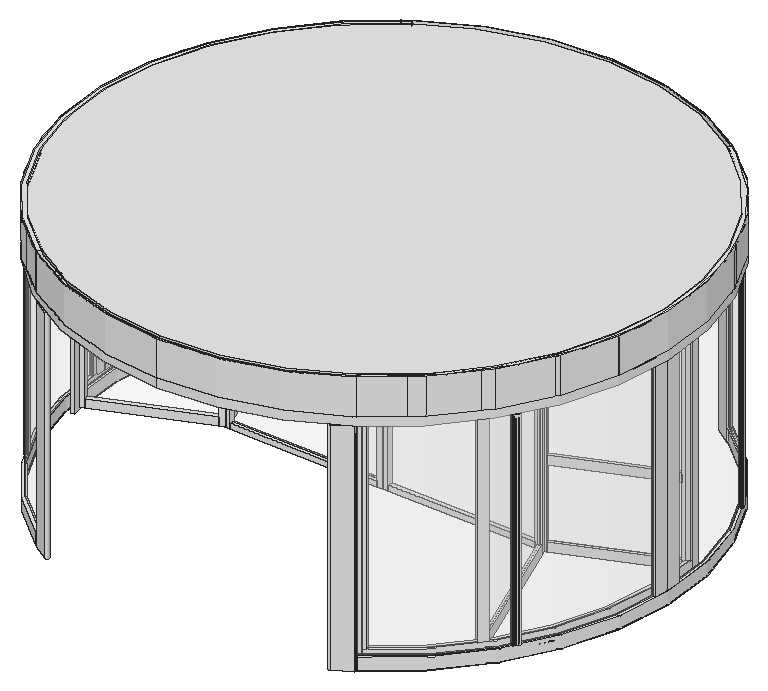
Revit family "Assa-Abloy_ Revolving_UniTurn", category Doors, host Wall, Revit 2019 (continued)
Dimensions and locks
  aligned and locked: curve 598 to Sweep 27
  aligned and locked: curve 599 to Sweep 27
  aligned and locked: curve 600 to Sweep 27
  aligned and locked: curve 601 to Sweep 27
  aligned and locked: curve 602 to Extrusion 29
  aligned and locked: curve 603 to Extrusion 29
  aligned and locked: curve 604 to Extrusion 29
  aligned and locked: curve 605 to Extrusion 29
  aligned and locked: curve 606 to Sweep 31
  aligned and locked: curve 607 to Sweep 31
  aligned and locked: curve 608 to Sweep 31
  aligned and locked: curve 609 to Sweep 31
  aligned and locked: curve 610 to Sweep 31
  aligned and locked: curve 611 to Extrusion 28
  aligned and locked: curve 612 to Extrusion 28
  aligned and locked: curve 613 to Extrusion 28
  aligned and locked: curve 614 to Extrusion 28
  aligned and locked: curve 615 to Extrusion 29
  aligned and locked: curve 616 to Extrusion 29
  aligned and locked: curve 617 to Extrusion 29
  aligned and locked: curve 618 to Extrusion 29
  aligned and locked: curve 619 to Extrusion 28
  aligned and locked: curve 620 to Extrusion 28
  aligned and locked: curve 621 to Extrusion 28
  aligned and locked: curve 622 to Extrusion 28
  aligned and locked: curve 623 to Extrusion 29
  aligned and locked: curve 624 to Extrusion 29
  aligned and locked: curve 625 to Extrusion 29
  aligned and locked: curve 626 to Extrusion 29
  aligned and locked: curve 627 to Sweep 39
  aligned and locked: curve 628 to Sweep 39
  aligned and locked: curve 629 to Sweep 39
  aligned and locked: curve 630 to Sweep 39
  aligned and locked: curve 631 to Sweep 31
  aligned and locked: curve 632 to Sweep 31
  aligned and locked: curve 633 to Sweep 31
  aligned and locked: curve 634 to Sweep 31
  aligned and locked: curve 635 to Extrusion 29
  aligned and locked: curve 636 to Extrusion 29
  aligned and locked: curve 637 to Extrusion 29
  aligned and locked: curve 638 to Extrusion 29
  aligned and locked: curve 639 to Sweep 31
  aligned and locked: curve 640 to Sweep 31
  aligned and locked: curve 641 to Sweep 31
  aligned and locked: curve 642 to Sweep 31
  aligned and locked: curve 643 to Sweep 31
  aligned and locked: curve 644 to Sweep 31
  aligned and locked: curve 645 to Extrusion 29
  aligned and locked: curve 646 to Extrusion 29
  aligned and locked: curve 647 to Extrusion 29
  aligned and locked: curve 648 to Extrusion 29
  aligned and locked: curve 649 to Extrusion 28
  aligned and locked: curve 650 to Extrusion 28
  aligned and locked: curve 651 to Extrusion 28
  aligned and locked: curve 652 to Extrusion 28
  aligned and locked: curve 653 to Sweep 33
  aligned and locked: curve 654 to Sweep 33
  aligned and locked: curve 655 to Sweep 33
  aligned and locked: curve 656 to Sweep 33
  aligned and locked: curve 657 to Extrusion 37
  aligned and locked: curve 658 to Extrusion 37
  aligned and locked: curve 659 to Extrusion 37
  aligned and locked: curve 660 to Extrusion 37
  aligned and locked: curve 661 to Sweep 36
  aligned and locked: curve 662 to Sweep 36
  aligned and locked: curve 663 to Sweep 36
  aligned and locked: curve 664 to Sweep 36
  aligned and locked: curve 665 to Extrusion 38
  aligned and locked: curve 666 to Extrusion 38
  aligned and locked: curve 667 to Extrusion 38
  aligned and locked: curve 668 to Extrusion 38
  aligned and locked: curve 669 to Sweep 42
  aligned and locked: curve 670 to Sweep 42
  aligned and locked: curve 671 to Sweep 42
  aligned and locked: curve 672 to Sweep 42
  aligned and locked: curve 673 to Extrusion 45
  aligned and locked: curve 674 to Extrusion 45
  aligned and locked: curve 675 to Extrusion 45
  aligned and locked: curve 676 to Extrusion 45
  aligned and locked: curve 677 to Sweep 44
  aligned and locked: curve 678 to Sweep 44
  aligned and locked: curve 679 to Sweep 44
  aligned and locked: curve 680 to Sweep 44
  aligned and locked: curve 681 to Extrusion 46
  aligned and locked: curve 682 to Extrusion 46
  aligned and locked: curve 683 to Extrusion 46
  aligned and locked: curve 684 to Extrusion 46
  aligned and locked: curve 685 to Sweep 32
  aligned and locked: curve 686 to Sweep 32
  aligned and locked: curve 687 to Sweep 32
  aligned and locked: curve 688 to Sweep 32
  aligned and locked: curve 689 to Sweep 32
  aligned and locked: curve 690 to Sweep 32
  aligned and locked: curve 691 to Sweep 32
  aligned and locked: curve 692 to Sweep 32
  aligned and locked: curve 693 to Sweep 24
  aligned and locked: curve 694 to Sweep 24
  aligned and locked: curve 695 to Sweep 24
  aligned and locked: curve 696 to Sweep 24
  aligned and locked: curve 697 to Sweep 25
  aligned and locked: curve 698 to Sweep 25
  aligned and locked: curve 699 to Sweep 25
  aligned and locked: curve 700 to Sweep 25
  aligned and locked: curve 701 to Extrusion 26
  aligned and locked: curve 702 to Extrusion 26
  aligned and locked: curve 703 to Extrusion 26
  aligned and locked: curve 704 to Extrusion 26
  aligned and locked: curve 705 to Sweep 24
  aligned and locked: curve 706 to Sweep 24
  aligned and locked: curve 707 to Sweep 24
  aligned and locked: curve 708 to Sweep 24
  aligned and locked: curve 709 to Sweep 21
  aligned and locked: curve 710 to Sweep 21
  aligned and locked: curve 711 to Sweep 21
  aligned and locked: curve 712 to Sweep 21
  aligned and locked: curve 713 to Sweep 22
  aligned and locked: curve 714 to Sweep 22
  aligned and locked: curve 715 to Sweep 22
  aligned and locked: curve 716 to Sweep 22
  aligned and locked: curve 717 to Extrusion 23
  aligned and locked: curve 718 to Extrusion 23
  aligned and locked: curve 719 to Extrusion 23
  aligned and locked: curve 720 to Extrusion 23
  aligned and locked: curve 721 to Sweep 21
  aligned and locked: curve 722 to Sweep 21
  aligned and locked: curve 723 to Sweep 21
  aligned and locked: curve 724 to Sweep 21
  aligned and locked: curve 725 to Sweep 40
  aligned and locked: curve 726 to Sweep 40
  aligned and locked: curve 727 to Sweep 40
  aligned and locked: curve 728 to Sweep 40
  aligned and locked: curve 729 to Sweep 40
  aligned and locked: curve 730 to Sweep 40
  aligned and locked: curve 731 to Sweep 40
  aligned and locked: curve 732 to Sweep 40
  aligned and locked: curve 733 to Extrusion 3
  aligned and locked: curve 734 to Sweep 10
  aligned and locked: curve 735 to Sweep 5
  aligned and locked: curve 736 to Sweep 5
  aligned and locked: curve 737 to Sweep 5
  aligned and locked: curve 738 to Sweep 5
Automatic sketch dimensions
  plane 1 to Sweep 1 sketch curve = 0' - 0"
  Sweep 1 sketch curve to plane 2 "Center (Left/Right)" = 0' - 0"
  Sweep 1 sketch curve to level = 0' - 0"
  profile plane to Sweep 1 sketch curve = 0' - 0"
  profile plane to Sweep 1 sketch curve = 0' - 0.15749"
  Sweep 1 sketch curve to Sweep 1 sketch curve = 0' - 0.08108"
  Sweep 1 sketch curve to Sweep 1 sketch curve = 0' - 0.03799"
  profile plane to Sweep 1 sketch curve = 0' - 0.33465"
  Sweep 1 sketch curve to Sweep 1 sketch curve = 0' - 0.24099"
  level to Sweep 1 sketch curve = 0' - 0.11752"
  Sweep 1 sketch curve to Sweep 1 sketch curve = 0' - 1.0201"
  Sweep 1 sketch curve to Sweep 1 sketch curve = 0' - 0.01115"
  Sweep 1 sketch curve to Sweep 1 sketch curve = 0' - 0.03917"
  Sweep 1 sketch curve to Sweep 1 sketch curve = 0' - 0.97958"
  Sweep 1 sketch curve to Sweep 1 sketch curve = 0' - 0.23896"
  level to Sweep 1 sketch curve = 0' - 0.07526"
  Sweep 1 sketch curve to Sweep 1 sketch curve = 0' - 0.08261"
  level to Sweep 1 sketch curve = 0' - 0.19587"
  Sweep 1 sketch curve to Sweep 1 sketch curve = 0' - 0.11811"
  Sweep 1 sketch curve to Sweep 1 sketch curve = 0' - 4.074"
  Sweep 1 sketch curve to Sweep 1 sketch curve = 0' - 0.00157"
  Sweep 1 sketch curve to Sweep 1 sketch curve = 0' - 0.48915"
  Sweep 1 sketch curve to Sweep 1 sketch curve = 0' - 0"
  plane 10 to Sweep 2 sketch curve = 0' - 0.10818"  (x2)
  Extrusion 3 sketch curve to Extrusion 3 sketch curve = 0' - 0"  (x2)
  host wall to Extrusion 3 sketch curve = 0' - 0"
  Extrusion 3 sketch curve to plane 2 "Center (Left/Right)" = 0' - 0"
  Sweep 5 sketch curve to plane 11 = 0' - 0"  (x2)
  plane 1 to Sweep 5 sketch curve = 0' - 0"
  Sweep 5 sketch curve to plane 2 "Center (Left/Right)" = 0' - 0"
  profile plane to Sweep 5 sketch curve = 0' - 0"
  Sweep 5 sketch curve to level = 0' - 0"
  Sweep 5 sketch curve to profile plane = 0' - 0.15749"
  Sweep 5 sketch curve to Sweep 5 sketch curve = 0' - 0.08108"
  Sweep 5 sketch curve to Sweep 5 sketch curve = 0' - 0.03799"
  Sweep 5 sketch curve to Sweep 5 sketch curve = 0' - 0.33465"
  Sweep 5 sketch curve to Sweep 5 sketch curve = 0' - 0.24099"
  level to Sweep 5 sketch curve = 0' - 0.11752"
  Sweep 5 sketch curve to Sweep 5 sketch curve = 0' - 1.0201"
  Sweep 5 sketch curve to Sweep 5 sketch curve = 0' - 0.01115"
  Sweep 5 sketch curve to Sweep 5 sketch curve = 0' - 0.03917"
  Sweep 5 sketch curve to Sweep 5 sketch curve = 0' - 0.97958"
  Sweep 5 sketch curve to Sweep 5 sketch curve = 0' - 0.01959"
  level to Sweep 5 sketch curve = 0' - 0.07526"
  Sweep 5 sketch curve to Sweep 5 sketch curve = 0' - 0.08261"
  level to Sweep 5 sketch curve = 0' - 0.19587"
  Sweep 5 sketch curve to Sweep 5 sketch curve = 0' - 0.11811"
  Sweep 5 sketch curve to Sweep 5 sketch curve = 0' - 4.074"
  Sweep 5 sketch curve to Sweep 5 sketch curve = 0' - 0.00157"
  Sweep 5 sketch curve to Sweep 5 sketch curve = 0' - 0.48915"
  Sweep 5 sketch curve to Sweep 5 sketch curve = 0' - 0"
  host wall to Extrusion 7 sketch curve = 0' - 0"
  Extrusion 7 sketch curve to plane 2 "Center (Left/Right)" = 0' - 0"
  Sweep 15 sketch curve to Sweep 15 sketch curve = 0' - 2.3622"
  curve 17 to Sweep 21 sketch curve = 0' - 0"
  Sweep 21 sketch curve to profile plane = 0' - 0"
  Sweep 21 sketch curve to profile plane = 0' - 0.7874"
  profile plane to Sweep 21 sketch curve = 0' - 0.7874"
  Sweep 24 sketch curve to curve 16 = 0' - 0"
  profile plane to Sweep 24 sketch curve = 0' - 0"
  Sweep 24 sketch curve to profile plane = 0' - 0.7874"  (x2)
  profile plane to Sweep 24 sketch curve = 0' - 0.7874"  (x2)
  plane 1 to Sweep 27 sketch curve = 0' - 0"
  Sweep 27 sketch curve to plane 2 "Center (Left/Right)" = 0' - 0"
  plane 1 to Sweep 39 sketch curve = 0' - 0"
  Sweep 39 sketch curve to plane 2 "Center (Left/Right)" = 0' - 0"
  profile plane to Sweep 2 sketch curve = 0' - 0.70812"
  profile plane to Sweep 2 sketch curve = 0' - 0.33411"
  Sweep 4 sketch curve to profile plane = 0' - 0.00111"
  Sweep 4 sketch curve to Sweep 4 sketch curve = 0' - 0.63419"
  profile plane to Sweep 4 sketch curve = 0' - 0.59055"
  Sweep 4 sketch curve to Sweep 4 sketch curve = 0' - 1.55917"
  Sweep 4 sketch curve to Sweep 4 sketch curve = 0' - 0.98425"
  Sweep 4 sketch curve to Sweep 4 sketch curve = 0' - 4.13386"
  profile plane to Sweep 4 sketch curve = 0' - 0.43307"
  Sweep 4 sketch curve to Sweep 4 sketch curve = 0' - 3.14961"
  Sweep 4 sketch curve to Sweep 4 sketch curve = 0' - 3.54331"
  Sweep 4 sketch curve to Sweep 4 sketch curve = 0' - 2.3622"  (x2)
  Sweep 6 sketch curve to profile plane = 0' - 0.33465"
  Sweep 6 sketch curve to Sweep 6 sketch curve = 0' - 0.37402"
  Sweep 9 sketch curve to curve 4 = 0' - 0"
  Sweep 9 sketch curve to Sweep 9 sketch curve = 0' - 0"  (x68)
  profile plane to Sweep 9 sketch curve = 0' - 1.58607"
  profile plane to Sweep 9 sketch curve = 0' - 1.56545"
  Sweep 9 sketch curve to Sweep 9 sketch curve = 0' - 0.08045"
  Sweep 9 sketch curve to profile plane = 0' - 0.30197"
  Sweep 9 sketch curve to Sweep 9 sketch curve = 0' - 0.00584"
  Sweep 9 sketch curve to Sweep 9 sketch curve = 0' - 0.0055"
  Sweep 9 sketch curve to Sweep 9 sketch curve = 0' - 0.07702"  (x2)
  Sweep 9 sketch curve to Sweep 9 sketch curve = 0' - 0.0689"  (x4)
  Sweep 9 sketch curve to Sweep 9 sketch curve = 0' - 0.11811"  (x3)
  Sweep 9 sketch curve to Sweep 9 sketch curve = 0' - 0.00103"  (x2)
  profile plane to Sweep 9 sketch curve = 0' - 0.20879"
  Sweep 9 sketch curve to Sweep 9 sketch curve = 0' - 0.11708"
  Sweep 9 sketch curve to Sweep 9 sketch curve = 0' - 0.0495"
  Sweep 9 sketch curve to Sweep 9 sketch curve = 0' - 0.04737"
  profile plane to Sweep 9 sketch curve = 0' - 0.20806"
  Sweep 9 sketch curve to Sweep 9 sketch curve = 0' - 0.0832"
  Sweep 9 sketch curve to Sweep 9 sketch curve = 0' - 0.0275"
  Sweep 9 sketch curve to Sweep 9 sketch curve = 0' - 0.02837"  (x2)
  Sweep 9 sketch curve to Sweep 9 sketch curve = 0' - 0.00659"  (x2)
  Sweep 9 sketch curve to Sweep 9 sketch curve = 0' - 0.01094"
  Sweep 9 sketch curve to Sweep 9 sketch curve = 0' - 0.02884"  (x3)
  Sweep 9 sketch curve to Sweep 9 sketch curve = 0' - 0.01359"
  Sweep 9 sketch curve to Sweep 9 sketch curve = 0' - 0.00989"
  Sweep 9 sketch curve to Sweep 9 sketch curve = 0' - 0.02772"  (x2)
  Sweep 9 sketch curve to Sweep 9 sketch curve = 0' - 0.02132"
  profile plane to Sweep 9 sketch curve = 0' - 0.13585"
  Sweep 9 sketch curve to Sweep 9 sketch curve = 0' - 0.03427"  (x2)
  Sweep 9 sketch curve to Sweep 9 sketch curve = 0' - 0.01331"
  Sweep 9 sketch curve to Sweep 9 sketch curve = 0' - 0.02338"
  Sweep 9 sketch curve to Sweep 9 sketch curve = 0' - 0.08809"
  Sweep 9 sketch curve to Sweep 9 sketch curve = 0' - 0.01207"
  Sweep 9 sketch curve to profile plane = 0' - 0.09993"
  Sweep 9 sketch curve to Sweep 9 sketch curve = 0' - 0.07356"
  profile plane to Sweep 9 sketch curve = 0' - 0.01023"
  Sweep 9 sketch curve to Sweep 9 sketch curve = 0' - 0.10095"
  Sweep 9 sketch curve to Sweep 9 sketch curve = 0' - 0.01212"
  Sweep 9 sketch curve to Sweep 9 sketch curve = 0' - 0.06702"
  Sweep 9 sketch curve to Sweep 9 sketch curve = 0' - 0.00943"
  profile plane to Sweep 9 sketch curve = 0' - 0.13459"
  Sweep 9 sketch curve to Sweep 9 sketch curve = 0' - 0.14433"  (x2)
  Sweep 9 sketch curve to Sweep 9 sketch curve = 0' - 0.06503"
  Sweep 9 sketch curve to Sweep 9 sketch curve = 0' - 0.00572"  (x2)
  Sweep 9 sketch curve to Sweep 9 sketch curve = 0' - 0.01247"
  Sweep 9 sketch curve to Sweep 9 sketch curve = 0' - 0.01115"
  Sweep 9 sketch curve to Sweep 9 sketch curve = 0' - 0.01203"
  Sweep 9 sketch curve to Sweep 9 sketch curve = 0' - 0.01083"
  Sweep 9 sketch curve to Sweep 9 sketch curve = 0' - 0.01229"
  Sweep 9 sketch curve to Sweep 9 sketch curve = 0' - 0.02397"
  profile plane to Sweep 9 sketch curve = 0' - 0.20608"
  Sweep 9 sketch curve to Sweep 9 sketch curve = 0' - 0.04211"  (x2)
  Sweep 9 sketch curve to Sweep 9 sketch curve = 0' - 0.0758"
  Sweep 9 sketch curve to Sweep 9 sketch curve = 0' - 0.00041"  (x3)
  Sweep 9 sketch curve to Sweep 9 sketch curve = 0' - 0.07805"
  Sweep 9 sketch curve to Sweep 9 sketch curve = 0' - 0.00069"  (x3)
  Sweep 9 sketch curve to Sweep 9 sketch curve = 0' - 0.07874"  (x2)
  profile plane to Sweep 9 sketch curve = 0' - 0.20463"
  Sweep 9 sketch curve to Sweep 9 sketch curve = 0' - 0.16639"
  profile plane to Sweep 9 sketch curve = 0' - 0.13241"
  Sweep 9 sketch curve to profile plane = 0' - 0.10222"
  Sweep 9 sketch curve to Sweep 9 sketch curve = 0' - 0.06123"
  profile plane to Sweep 9 sketch curve = 0' - 0.00679"
  Sweep 9 sketch curve to Sweep 9 sketch curve = 0' - 0.15686"
  Sweep 9 sketch curve to Sweep 9 sketch curve = 0' - 0.00062"  (x2)
  Sweep 9 sketch curve to Sweep 9 sketch curve = 0' - 0.15747"
  profile plane to Sweep 9 sketch curve = 0' - 0.13115"
  profile plane to Sweep 9 sketch curve = 0' - 0.20264"
  Sweep 9 sketch curve to profile plane = 0' - 0.09335"
  Sweep 9 sketch curve to Sweep 9 sketch curve = 0' - 0.11701"
  profile plane to Sweep 9 sketch curve = 0' - 0.1035"
  Sweep 9 sketch curve to Sweep 9 sketch curve = 0' - 0.09052"
  Sweep 9 sketch curve to Sweep 9 sketch curve = 0' - 0.03903"  (x3)
  Sweep 9 sketch curve to Sweep 9 sketch curve = 0' - 0.03937"  (x6)
  profile plane to Sweep 9 sketch curve = 0' - 0.14252"
  Sweep 9 sketch curve to Sweep 9 sketch curve = 0' - 0.00034"  (x4)
  Sweep 9 sketch curve to profile plane = 0' - 0.01559"
  Sweep 9 sketch curve to Sweep 9 sketch curve = 0' - 0.07336"
  Sweep 9 sketch curve to profile plane = 0' - 0.00805"
  Sweep 9 sketch curve to Sweep 9 sketch curve = 0' - 0.03864"
  profile plane to Sweep 9 sketch curve = 0' - 0.03132"
  Sweep 9 sketch curve to Sweep 9 sketch curve = 0' - 0.00655"
  Sweep 9 sketch curve to Sweep 9 sketch curve = 0' - 0 5/256"  (x2)
  Sweep 9 sketch curve to Sweep 9 sketch curve = 0' - 0.00017"  (x3)
  Sweep 9 sketch curve to Sweep 9 sketch curve = 0' - 0.00016"
  Sweep 9 sketch curve to Sweep 9 sketch curve = 0' - 0.04269"
  Sweep 9 sketch curve to Sweep 9 sketch curve = 0' - 0.00028"
  Sweep 9 sketch curve to profile plane = 0' - 0.06375"
  Sweep 9 sketch curve to profile plane = 0' - 0.11513"
  Sweep 9 sketch curve to Sweep 9 sketch curve = 0' - 0.01968"  (x3)
  Sweep 9 sketch curve to profile plane = 0' - 0.0836"
  Sweep 9 sketch curve to profile plane = 0' - 0.02499"
  Sweep 9 sketch curve to Sweep 9 sketch curve = 0' - 0.05705"
  Sweep 9 sketch curve to Sweep 9 sketch curve = 0' - 0.09539"
  Sweep 9 sketch curve to Sweep 9 sketch curve = 0' - 0.00031"
  Sweep 9 sketch curve to Sweep 9 sketch curve = 0' - 0.09845"
  Sweep 9 sketch curve to Sweep 9 sketch curve = 0' - 0.00052"
  Sweep 9 sketch curve to profile plane = 0' - 0.05811"
  Sweep 9 sketch curve to Sweep 9 sketch curve = 0' - 0.08109"
  Sweep 9 sketch curve to profile plane = 0' - 0.01874"
  profile plane to Sweep 9 sketch curve = 0' - 0.10873"
  Sweep 9 sketch curve to Sweep 9 sketch curve = 0' - 0.00086"
  profile plane to Sweep 9 sketch curve = 0' - 0.10693"
  profile plane to Sweep 9 sketch curve = 0' - 0.08991"
  profile plane to Sweep 9 sketch curve = 0' - 0.08898"
  profile plane to Sweep 9 sketch curve = 0' - 0.08813"
  Sweep 9 sketch curve to Sweep 9 sketch curve = 0' - 0.02012"
  Sweep 9 sketch curve to Sweep 9 sketch curve = 0' - 0.01923"
  profile plane to Sweep 9 sketch curve = 0' - 0.04995"
  profile plane to Sweep 9 sketch curve = 0' - 0.01031"
  Sweep 9 sketch curve to profile plane = 0' - 0.01031"
  Sweep 9 sketch curve to Sweep 9 sketch curve = 0' - 0.54814"
  Sweep 9 sketch curve to Sweep 9 sketch curve = 0' - 0.00225"  (x2)
  Sweep 9 sketch curve to Sweep 9 sketch curve = 0' - 0.00473"
  Sweep 9 sketch curve to Sweep 9 sketch curve = 0' - 0.80944"
  Sweep 9 sketch curve to Sweep 9 sketch curve = 0' - 0.04975"
  Sweep 9 sketch curve to Sweep 9 sketch curve = 0' - 0.04724"
  Sweep 9 sketch curve to Sweep 9 sketch curve = 0' - 0.06853"
  Sweep 9 sketch curve to Sweep 9 sketch curve = 0' - 0.00137"
  Sweep 9 sketch curve to Sweep 9 sketch curve = 0' - 0.1371"
  Sweep 9 sketch curve to Sweep 9 sketch curve = 0' - 0.05221"
  Sweep 9 sketch curve to Sweep 9 sketch curve = 0' - 0.03971"
  Sweep 9 sketch curve to Sweep 9 sketch curve = 0' - 0.00038"
  profile plane to Sweep 9 sketch curve = 0' - 0.0285"
  Sweep 9 sketch curve to Sweep 9 sketch curve = 0' - 0.24659"
  Sweep 9 sketch curve to Sweep 9 sketch curve = 0' - 0.00791"
  Sweep 9 sketch curve to Sweep 9 sketch curve = 0' - 0.25717"
  Sweep 9 sketch curve to Sweep 9 sketch curve = 0' - 0.05187"
  Sweep 9 sketch curve to Sweep 9 sketch curve = 0' - 0.06784"
  Sweep 9 sketch curve to Sweep 9 sketch curve = 0' - 0.03954"
  Sweep 9 sketch curve to Sweep 9 sketch curve = 0' - 0.00024"
  Sweep 9 sketch curve to Sweep 9 sketch curve = 0' - 0.09732"
  curve 5 to Sweep 10 sketch curve = 0' - 0"
  Sweep 10 sketch curve to Sweep 10 sketch curve = 0' - 0"  (x19)
  Sweep 10 sketch curve to profile plane = 0' - 0"  (x7)
  profile plane to Sweep 10 sketch curve = 0' - 0.02745"
  profile plane to Sweep 10 sketch curve = 0' - 1.27599"
  Sweep 10 sketch curve to Sweep 10 sketch curve = 0' - 0.00113"  (x2)
  Sweep 10 sketch curve to Sweep 10 sketch curve = 0' - 0.02744"  (x2)
  Sweep 10 sketch curve to Sweep 10 sketch curve = 0' - 0.0899"  (x2)
  Sweep 10 sketch curve to Sweep 10 sketch curve = 0' - 0.00347"
  profile plane to Sweep 10 sketch curve = 0' - 1.12665"  (x2)
  profile plane to Sweep 10 sketch curve = 0' - 0.03949"  (x2)
  Sweep 10 sketch curve to Sweep 10 sketch curve = 0' - 0.03602"  (x2)
  Sweep 10 sketch curve to profile plane = 0' - 0.03949"  (x2)
  Sweep 10 sketch curve to Sweep 10 sketch curve = 0' - 0.04352"  (x2)
  Sweep 10 sketch curve to Sweep 10 sketch curve = 0' - 0.07617"
  Sweep 10 sketch curve to Sweep 10 sketch curve = 0' - 0.08015"
  Sweep 10 sketch curve to Sweep 10 sketch curve = 0' - 0.11847"  (x2)
  profile plane to Sweep 10 sketch curve = 0' - 0.19745"
  Sweep 10 sketch curve to Sweep 10 sketch curve = 0' - 0.07886"
  Sweep 10 sketch curve to Sweep 10 sketch curve = 0' - 0.00381"  (x3)
  Sweep 10 sketch curve to Sweep 10 sketch curve = 0' - 0.07898"  (x4)
  Sweep 10 sketch curve to Sweep 10 sketch curve = 0' - 0.22483"  (x2)
  Sweep 10 sketch curve to Sweep 10 sketch curve = 0' - 0.00434"  (x2)
  profile plane to Sweep 10 sketch curve = 0' - 0.33219"  (x2)
  profile plane to Sweep 10 sketch curve = 0' - 0.01233"  (x2)
  Sweep 10 sketch curve to profile plane = 0' - 0.06665"  (x2)
  Sweep 10 sketch curve to profile plane = 0' - 0.14563"
  Sweep 10 sketch curve to profile plane = 0' - 0.14987"
  Sweep 10 sketch curve to profile plane = 0' - 0.16522"
  Sweep 10 sketch curve to profile plane = 0' - 0.1717"
  Sweep 10 sketch curve to Sweep 10 sketch curve = 0' - 0.03003"
  Sweep 10 sketch curve to profile plane = 0' - 0.18143"
  Sweep 10 sketch curve to Sweep 10 sketch curve = 0' - 0.03949"  (x6)
  Sweep 10 sketch curve to Sweep 10 sketch curve = 0' - 0.04426"
  Sweep 10 sketch curve to Sweep 10 sketch curve = 0' - 0.04874"
  Sweep 10 sketch curve to Sweep 10 sketch curve = 0' - 0.05255"
  Sweep 10 sketch curve to Sweep 10 sketch curve = 0' - 0.02033"
  Sweep 10 sketch curve to Sweep 10 sketch curve = 0' - 0.07555"
  Sweep 10 sketch curve to Sweep 10 sketch curve = 0' - 0.11852"
  Sweep 10 sketch curve to Sweep 10 sketch curve = 0' - 0.08697"
  profile plane to Sweep 10 sketch curve = 0' - 0.02744"  (x2)
  Sweep 10 sketch curve to Sweep 10 sketch curve = 0' - 0.08626"
  Sweep 10 sketch curve to Sweep 10 sketch curve = 0' - 0.04458"  (x2)
  Sweep 10 sketch curve to Sweep 10 sketch curve = 0' - 0.13575"
  Sweep 10 sketch curve to Sweep 10 sketch curve = 0' - 0.12603"
  Sweep 10 sketch curve to Sweep 10 sketch curve = 0' - 0.04157"
  Sweep 10 sketch curve to Sweep 10 sketch curve = 0' - 0.04159"
  Sweep 10 sketch curve to Sweep 10 sketch curve = 0' - 0.06426"  (x2)
  Sweep 10 sketch curve to Sweep 10 sketch curve = 0' - 0.06602"  (x2)
  Sweep 10 sketch curve to Sweep 10 sketch curve = 0' - 0.02115"
  Sweep 10 sketch curve to Sweep 10 sketch curve = 0' - 0.02116"
  Sweep 10 sketch curve to profile plane = 0' - 0.37006"  (x2)
  Sweep 10 sketch curve to Sweep 10 sketch curve = 0' - 0.06033"
  Sweep 10 sketch curve to Sweep 10 sketch curve = 0' - 0.06049"
  Sweep 10 sketch curve to Sweep 10 sketch curve = 0' - 0.00394"
  Sweep 10 sketch curve to Sweep 10 sketch curve = 0' - 0.00378"
  Sweep 10 sketch curve to Sweep 10 sketch curve = 0' - 0.09009"  (x2)
  Sweep 10 sketch curve to Sweep 10 sketch curve = 7' - 10.61857"
  Sweep 10 sketch curve to Sweep 10 sketch curve = 0' - 0.00953"
  Sweep 10 sketch curve to Sweep 10 sketch curve = 0' - 0.01836"
  Sweep 10 sketch curve to Sweep 10 sketch curve = 0' - 0.02407"
  Sweep 10 sketch curve to Sweep 10 sketch curve = 0' - 0.04853"
  Sweep 10 sketch curve to Sweep 10 sketch curve = 0' - 0.1054"  (x2)
  Sweep 10 sketch curve to Sweep 10 sketch curve = 0' - 0.00441"  (x2)
  Sweep 10 sketch curve to Sweep 10 sketch curve = 0' - 0.55919"
  Sweep 10 sketch curve to Sweep 10 sketch curve = 0' - 0.00427"
  Sweep 10 sketch curve to Sweep 10 sketch curve = 0' - 0.03073"
  Sweep 10 sketch curve to Sweep 10 sketch curve = 0' - 0.56871"  (x2)
  Sweep 10 sketch curve to Sweep 10 sketch curve = 0' - 0.0072"  (x2)
  Sweep 10 sketch curve to Sweep 10 sketch curve = 0' - 0.07985"
  Sweep 10 sketch curve to Sweep 10 sketch curve = 0' - 0.03308"
  Sweep 10 sketch curve to Sweep 10 sketch curve = 0' - 0.09072"  (x2)
  Sweep 10 sketch curve to Sweep 10 sketch curve = 0' - 0.11856"
  Sweep 10 sketch curve to Sweep 10 sketch curve = 0' - 0.07459"
  Sweep 10 sketch curve to Sweep 10 sketch curve = 0' - 0.05789"
  Sweep 10 sketch curve to Sweep 10 sketch curve = 0' - 0.0615"
  Sweep 10 sketch curve to Sweep 10 sketch curve = 0' - 0.00594"  (x2)
  Sweep 10 sketch curve to Sweep 10 sketch curve = 0' - 0.01739"
  Sweep 10 sketch curve to Sweep 10 sketch curve = 0' - 0.15796"  (x2)
  profile plane to Sweep 10 sketch curve = 0' - 0.11847"
  Sweep 10 sketch curve to Sweep 10 sketch curve = 0' - 0.33184"
  Sweep 10 sketch curve to Sweep 10 sketch curve = 0' - 0 1/128"
  Sweep 10 sketch curve to Sweep 10 sketch curve = 0' - 0.0166"
  Sweep 10 sketch curve to Sweep 10 sketch curve = 0' - 0.11532"
  Sweep 10 sketch curve to Sweep 10 sketch curve = 0' - 0.01087"
  Sweep 10 sketch curve to Sweep 10 sketch curve = 0' - 0.00292"
  Sweep 10 sketch curve to Sweep 10 sketch curve = 0' - 0.0216"
  Sweep 10 sketch curve to Sweep 10 sketch curve = 0' - 0.02439"
  Sweep 10 sketch curve to Sweep 10 sketch curve = 0' - 0.60735"
  Sweep 11 sketch curve to curve 6 = 0' - 0"
  Sweep 11 sketch curve to Sweep 11 sketch curve = 0' - 0"  (x68)
  profile plane to Sweep 11 sketch curve = 0' - 1.59243"
  profile plane to Sweep 11 sketch curve = 0' - 1.55769"
  Sweep 11 sketch curve to Sweep 11 sketch curve = 0' - 0.08163"
  Sweep 11 sketch curve to profile plane = 0' - 0.26823"
  Sweep 11 sketch curve to Sweep 11 sketch curve = 0' - 0.00984"  (x2)
  Sweep 11 sketch curve to Sweep 11 sketch curve = 0' - 0.00926"
  Sweep 11 sketch curve to Sweep 11 sketch curve = 0' - 0.07584"
  Sweep 11 sketch curve to Sweep 11 sketch curve = 0' - 0.06889"  (x4)
  Sweep 11 sketch curve to Sweep 11 sketch curve = 0' - 0.1181"  (x3)
  Sweep 11 sketch curve to Sweep 11 sketch curve = 0' - 0.00174"  (x2)
  profile plane to Sweep 11 sketch curve = 0' - 0.24179"
  Sweep 11 sketch curve to Sweep 11 sketch curve = 0' - 0.11636"
  Sweep 11 sketch curve to Sweep 11 sketch curve = 0' - 0.05022"
  Sweep 11 sketch curve to Sweep 11 sketch curve = 0' - 0.04664"
  Sweep 11 sketch curve to Sweep 11 sketch curve = 0' - 0.02704"
  Sweep 11 sketch curve to Sweep 11 sketch curve = 0' - 0.02821"  (x2)
  profile plane to Sweep 11 sketch curve = 0' - 0.24057"
  Sweep 11 sketch curve to Sweep 11 sketch curve = 0' - 0.08319"
  Sweep 11 sketch curve to Sweep 11 sketch curve = 0' - 0.00604"  (x2)
  Sweep 11 sketch curve to Sweep 11 sketch curve = 0' - 0.01099"
  Sweep 11 sketch curve to Sweep 11 sketch curve = 0' - 0.01346"
  Sweep 11 sketch curve to Sweep 11 sketch curve = 0' - 0.029"  (x2)
  Sweep 11 sketch curve to Sweep 11 sketch curve = 0' - 0.00029"  (x5)
  Sweep 11 sketch curve to Sweep 11 sketch curve = 0' - 0.02141"
  Sweep 11 sketch curve to Sweep 11 sketch curve = 0' - 0.02755"  (x2)
  Sweep 11 sketch curve to Sweep 11 sketch curve = 0' - 0.03438"  (x2)
  Sweep 11 sketch curve to Sweep 11 sketch curve = 0' - 0.01345"
  Sweep 11 sketch curve to Sweep 11 sketch curve = 0' - 0.0233"
  Sweep 11 sketch curve to Sweep 11 sketch curve = 0' - 0.08716"
  Sweep 11 sketch curve to Sweep 11 sketch curve = 0' - 0.07427"
  Sweep 11 sketch curve to profile plane = 0' - 0.06807"
  Sweep 11 sketch curve to Sweep 11 sketch curve = 0' - 0.07244"
  profile plane to Sweep 11 sketch curve = 0' - 0.04207"
  Sweep 11 sketch curve to Sweep 11 sketch curve = 0' - 0.07715"
  Sweep 11 sketch curve to Sweep 11 sketch curve = 0' - 0.10121"
  Sweep 11 sketch curve to Sweep 11 sketch curve = 0' - 0.01277"
  Sweep 11 sketch curve to Sweep 11 sketch curve = 0' - 0.0677"
  Sweep 11 sketch curve to Sweep 11 sketch curve = 0' - 0.00922"
  Sweep 11 sketch curve to Sweep 11 sketch curve = 0' - 0.14432"  (x2)
  Sweep 11 sketch curve to Sweep 11 sketch curve = 0' - 0.02182"
  Sweep 11 sketch curve to Sweep 11 sketch curve = 0' - 0.06434"
  Sweep 11 sketch curve to Sweep 11 sketch curve = 0' - 0.00543"  (x2)
  Sweep 11 sketch curve to Sweep 11 sketch curve = 0' - 0.01198"
  Sweep 11 sketch curve to Sweep 11 sketch curve = 0' - 0.01136"
  Sweep 11 sketch curve to Sweep 11 sketch curve = 0' - 0.01069"
  Sweep 11 sketch curve to Sweep 11 sketch curve = 0' - 0.02837"
  Sweep 11 sketch curve to Sweep 11 sketch curve = 0' - 0.01233"
  Sweep 11 sketch curve to Sweep 11 sketch curve = 0' - 0.02417"
  profile plane to Sweep 11 sketch curve = 0' - 0.23722"
  Sweep 11 sketch curve to Sweep 11 sketch curve = 0' - 0.04254"  (x2)
  Sweep 11 sketch curve to Sweep 11 sketch curve = 0' - 0.07495"
  Sweep 11 sketch curve to Sweep 11 sketch curve = 0' - 0.00069"  (x3)
  Sweep 11 sketch curve to Sweep 11 sketch curve = 0' - 0.07728"
  Sweep 11 sketch curve to Sweep 11 sketch curve = 0' - 0.07757"
  Sweep 11 sketch curve to Sweep 11 sketch curve = 0' - 0.07873"  (x3)
  Sweep 11 sketch curve to Sweep 11 sketch curve = 0' - 0.00116"  (x2)
  profile plane to Sweep 11 sketch curve = 0' - 0.23478"
  Sweep 11 sketch curve to Sweep 11 sketch curve = 0' - 0.16638"
  profile plane to Sweep 11 sketch curve = 0' - 0.16232"
  Sweep 11 sketch curve to profile plane = 0' - 0.07264"
  Sweep 11 sketch curve to Sweep 11 sketch curve = 0' - 0.06011"
  profile plane to Sweep 11 sketch curve = 0' - 0.03628"
  Sweep 11 sketch curve to Sweep 11 sketch curve = 0' - 0.15642"
  Sweep 11 sketch curve to Sweep 11 sketch curve = 0' - 0.00104"  (x2)
  Sweep 11 sketch curve to Sweep 11 sketch curve = 0' - 0.15746"
  profile plane to Sweep 11 sketch curve = 0' - 0.1602"
  profile plane to Sweep 11 sketch curve = 0' - 0.23143"
  Sweep 11 sketch curve to profile plane = 0' - 0.06503"
  Sweep 11 sketch curve to Sweep 11 sketch curve = 0' - 0.11595"
  profile plane to Sweep 11 sketch curve = 0' - 0.1318"
  Sweep 11 sketch curve to Sweep 11 sketch curve = 0' - 0.09048"
  Sweep 11 sketch curve to Sweep 11 sketch curve = 0' - 0.03879"  (x3)
  Sweep 11 sketch curve to Sweep 11 sketch curve = 0' - 0.00058"  (x5)
  Sweep 11 sketch curve to Sweep 11 sketch curve = 0' - 0.03937"  (x4)
  profile plane to Sweep 11 sketch curve = 0' - 0.17058"
  profile plane to Sweep 11 sketch curve = 0' - 0.01205"
  Sweep 11 sketch curve to Sweep 11 sketch curve = 0' - 0.07383"
  profile plane to Sweep 11 sketch curve = 0' - 0.01936"
  Sweep 11 sketch curve to Sweep 11 sketch curve = 0' - 0.03869"
  profile plane to Sweep 11 sketch curve = 0' - 0.05872"
  Sweep 11 sketch curve to profile plane = 0' - 0.01615"
  Sweep 11 sketch curve to Sweep 11 sketch curve = 0' - 0.00634"
  Sweep 11 sketch curve to Sweep 11 sketch curve = 0' - 0.01939"  (x2)
  profile plane to Sweep 11 sketch curve = 0' - 0.00325"
  Sweep 11 sketch curve to Sweep 11 sketch curve = 0' - 0.00028"
  Sweep 11 sketch curve to Sweep 11 sketch curve = 0' - 0.04226"
  Sweep 11 sketch curve to Sweep 11 sketch curve = 0' - 0.00046"
  Sweep 11 sketch curve to profile plane = 0' - 0.08825"
  Sweep 11 sketch curve to Sweep 11 sketch curve = 0' - 0.01968"  (x2)
  profile plane to Sweep 11 sketch curve = 0' - 0.00154"
  Sweep 11 sketch curve to Sweep 11 sketch curve = 0' - 0.0574"
  Sweep 11 sketch curve to Sweep 11 sketch curve = 0' - 0.15254"
  Sweep 11 sketch curve to Sweep 11 sketch curve = 0' - 0.09943"
  Sweep 11 sketch curve to Sweep 11 sketch curve = 0' - 0.00087"
  Sweep 11 sketch curve to profile plane = 0' - 0.03263"
  Sweep 11 sketch curve to Sweep 11 sketch curve = 0' - 0.0816"
  profile plane to Sweep 11 sketch curve = 0' - 0.00673"
  profile plane to Sweep 11 sketch curve = 0' - 0.11519"
  Sweep 11 sketch curve to Sweep 11 sketch curve = 0' - 0.00145"
  Sweep 11 sketch curve to Sweep 11 sketch curve = 0' - 0.00158"
  Sweep 11 sketch curve to Sweep 11 sketch curve = 0' - 0.02042"
  profile plane to Sweep 11 sketch curve = 0' - 0.08348"
  profile plane to Sweep 11 sketch curve = 0' - 0.0819"
  profile plane to Sweep 11 sketch curve = 0' - 0.08047"
  Sweep 11 sketch curve to profile plane = 0' - 0.03321"
  Sweep 11 sketch curve to Sweep 11 sketch curve = 0' - 0.01892"
  profile plane to Sweep 11 sketch curve = 0' - 0.04311"
  profile plane to Sweep 11 sketch curve = 0' - 0.01678"
  Sweep 11 sketch curve to profile plane = 0' - 0.01797"
  Sweep 11 sketch curve to Sweep 11 sketch curve = 0' - 0.54851"
  Sweep 11 sketch curve to Sweep 11 sketch curve = 0' - 0.00379"  (x2)
  Sweep 11 sketch curve to Sweep 11 sketch curve = 0' - 0.0051"
  Sweep 11 sketch curve to Sweep 11 sketch curve = 0' - 0.81101"
  Sweep 11 sketch curve to Sweep 11 sketch curve = 0' - 0.04962"
  Sweep 11 sketch curve to Sweep 11 sketch curve = 0' - 0.04724"  (x2)
  Sweep 11 sketch curve to Sweep 11 sketch curve = 0' - 0.06876"
  Sweep 11 sketch curve to Sweep 11 sketch curve = 0' - 0.00232"
  Sweep 11 sketch curve to Sweep 11 sketch curve = 0' - 0.13661"
  Sweep 11 sketch curve to Sweep 11 sketch curve = 0' - 0.05221"
  Sweep 11 sketch curve to Sweep 11 sketch curve = 0' - 0.03994"
  Sweep 11 sketch curve to Sweep 11 sketch curve = 0' - 0.03152"
  Sweep 11 sketch curve to Sweep 11 sketch curve = 0' - 0.24581"
  Sweep 11 sketch curve to Sweep 11 sketch curve = 0' - 0.00829"
  Sweep 11 sketch curve to Sweep 11 sketch curve = 0' - 0.25668"
  Sweep 11 sketch curve to Sweep 11 sketch curve = 0' - 0.05199"
  Sweep 11 sketch curve to Sweep 11 sketch curve = 0' - 0.0676"
  Sweep 11 sketch curve to Sweep 11 sketch curve = 0' - 0.03977"
  Sweep 12 sketch curve to curve 7 = 0' - 0"
  Sweep 12 sketch curve to Sweep 12 sketch curve = 0' - 0"  (x16)
  profile plane to Sweep 12 sketch curve = 0' - 0.00801"  (x3)
  profile plane to Sweep 12 sketch curve = 0' - 1.26798"
  Sweep 12 sketch curve to Sweep 12 sketch curve = 0' - 0.11847"  (x4)
  Sweep 12 sketch curve to profile plane = 0' - 0.07097"
  Sweep 12 sketch curve to Sweep 12 sketch curve = 0' - 0.00347"
  profile plane to Sweep 12 sketch curve = 0' - 1.11864"  (x2)
  Sweep 12 sketch curve to Sweep 12 sketch curve = 0' - 0.03602"  (x2)
  Sweep 12 sketch curve to profile plane = 0' - 0.03148"  (x2)
  Sweep 12 sketch curve to Sweep 12 sketch curve = 0' - 0.04352"  (x2)
  Sweep 12 sketch curve to Sweep 12 sketch curve = 0' - 0.07617"
  Sweep 12 sketch curve to Sweep 12 sketch curve = 0' - 0.08015"
  Sweep 12 sketch curve to profile plane = 0' - 0.18943"
  Sweep 12 sketch curve to Sweep 12 sketch curve = 0' - 0.07886"
  Sweep 12 sketch curve to Sweep 12 sketch curve = 0' - 0.00381"  (x3)
  Sweep 12 sketch curve to Sweep 12 sketch curve = 0' - 0.07898"  (x4)
  Sweep 12 sketch curve to Sweep 12 sketch curve = 0' - 0.22483"  (x2)
  Sweep 12 sketch curve to Sweep 12 sketch curve = 0' - 0.00434"  (x2)
  profile plane to Sweep 12 sketch curve = 0' - 0.32418"  (x2)
  profile plane to Sweep 12 sketch curve = 0' - 0.00432"  (x2)
  Sweep 12 sketch curve to profile plane = 0' - 0.07466"  (x2)
  Sweep 12 sketch curve to profile plane = 0' - 0.15364"
  Sweep 12 sketch curve to profile plane = 0' - 0.15789"
  Sweep 12 sketch curve to profile plane = 0' - 0.17324"
  Sweep 12 sketch curve to profile plane = 0' - 0.17972"
  Sweep 12 sketch curve to Sweep 12 sketch curve = 0' - 0.03003"
  Sweep 12 sketch curve to profile plane = 0' - 0.18944"
  Sweep 12 sketch curve to Sweep 12 sketch curve = 0' - 0.03949"  (x5)
  Sweep 12 sketch curve to Sweep 12 sketch curve = 0' - 0.04426"
  Sweep 12 sketch curve to Sweep 12 sketch curve = 0' - 0.04874"
  Sweep 12 sketch curve to Sweep 12 sketch curve = 0' - 0.05255"
  Sweep 12 sketch curve to Sweep 12 sketch curve = 0' - 0.02033"
  Sweep 12 sketch curve to Sweep 12 sketch curve = 0' - 0.07555"
  Sweep 12 sketch curve to Sweep 12 sketch curve = 0' - 0.11852"
  Sweep 12 sketch curve to Sweep 12 sketch curve = 0' - 0.08697"
  profile plane to Sweep 12 sketch curve = 0' - 0.03545"
  Sweep 12 sketch curve to Sweep 12 sketch curve = 0' - 0.08626"
  Sweep 12 sketch curve to Sweep 12 sketch curve = 0' - 0.04458"  (x2)
  Sweep 12 sketch curve to Sweep 12 sketch curve = 0' - 0.02744"  (x2)
  Sweep 12 sketch curve to Sweep 12 sketch curve = 0' - 0.13575"
  Sweep 12 sketch curve to Sweep 12 sketch curve = 0' - 0.12603"
  Sweep 12 sketch curve to Sweep 12 sketch curve = 0' - 0.04157"
  Sweep 12 sketch curve to Sweep 12 sketch curve = 0' - 0.04159"
  Sweep 12 sketch curve to Sweep 12 sketch curve = 0' - 0.06426"  (x2)
  Sweep 12 sketch curve to Sweep 12 sketch curve = 0' - 0.06602"  (x2)
  Sweep 12 sketch curve to Sweep 12 sketch curve = 0' - 0.02115"
  Sweep 12 sketch curve to Sweep 12 sketch curve = 0' - 0.02116"
  Sweep 12 sketch curve to profile plane = 0' - 0.37807"  (x2)
  Sweep 12 sketch curve to Sweep 12 sketch curve = 0' - 0.06033"
  Sweep 12 sketch curve to Sweep 12 sketch curve = 0' - 0.06049"
  Sweep 12 sketch curve to Sweep 12 sketch curve = 0' - 0.00378"
  Sweep 12 sketch curve to Sweep 12 sketch curve = 0' - 0.00394"
  Sweep 12 sketch curve to Sweep 12 sketch curve = 0' - 0.09009"  (x2)
  Sweep 12 sketch curve to Sweep 12 sketch curve = 7' - 10.61857"
  Sweep 12 sketch curve to Sweep 12 sketch curve = 0' - 0.03859"
  Sweep 12 sketch curve to Sweep 12 sketch curve = 0' - 0.03892"
  Sweep 12 sketch curve to Sweep 12 sketch curve = 0' - 0.0072"  (x2)
  Sweep 12 sketch curve to Sweep 12 sketch curve = 0' - 0.57149"
  Sweep 12 sketch curve to Sweep 12 sketch curve = 0' - 0.00441"  (x2)
  Sweep 12 sketch curve to Sweep 12 sketch curve = 0' - 0.64188"
  Sweep 12 sketch curve to Sweep 12 sketch curve = 0' - 0.1054"  (x2)
  Sweep 12 sketch curve to Sweep 12 sketch curve = 0' - 0.00571"
  Sweep 12 sketch curve to Sweep 12 sketch curve = 0' - 0.01606"
  Sweep 12 sketch curve to Sweep 12 sketch curve = 0' - 0.02439"
  Sweep 12 sketch curve to Sweep 12 sketch curve = 0' - 0.0216"
  Sweep 12 sketch curve to Sweep 12 sketch curve = 0' - 0.07985"
  Sweep 12 sketch curve to Sweep 12 sketch curve = 0' - 0.09072"  (x2)
  Sweep 12 sketch curve to Sweep 12 sketch curve = 0' - 0.11824"
  Sweep 12 sketch curve to Sweep 12 sketch curve = 0' - 0.01472"
  Sweep 12 sketch curve to Sweep 12 sketch curve = 0' - 0.0166"  (x2)
  Sweep 12 sketch curve to Sweep 12 sketch curve = 0' - 0.15796"
  Sweep 12 sketch curve to profile plane = 0' - 0.11046"
  profile plane to Sweep 12 sketch curve = 0' - 0.0475"  (x2)
  profile plane to Sweep 12 sketch curve = 0' - 0.12648"
  Sweep 12 sketch curve to Sweep 12 sketch curve = 0' - 0.33508"
  Sweep 12 sketch curve to Sweep 12 sketch curve = 0' - 0.00515"
  Sweep 12 sketch curve to Sweep 12 sketch curve = 0' - 0.01739"
  Sweep 12 sketch curve to Sweep 12 sketch curve = 0' - 0.05789"
  Sweep 12 sketch curve to Sweep 12 sketch curve = 0' - 0.11856"
  Sweep 12 sketch curve to Sweep 12 sketch curve = 0' - 0.81555"
  Sweep 12 sketch curve to Sweep 12 sketch curve = 0' - 0.09502"
  Sweep 12 sketch curve to Sweep 12 sketch curve = 0' - 0.01087"
  Sweep 12 sketch curve to Sweep 12 sketch curve = 0' - 0.03308"
  Sweep 12 sketch curve to Sweep 12 sketch curve = 0' - 0.01836"
  Sweep 12 sketch curve to Sweep 12 sketch curve = 0' - 0.02407"
  Sweep 12 sketch curve to Sweep 12 sketch curve = 0' - 0.16564"
  Sweep 12 sketch curve to Sweep 12 sketch curve = 0' - 0.00427"
  Sweep 12 sketch curve to Sweep 12 sketch curve = 0' - 0.56871"
  Sweep 13 sketch curve to curve 8 = 0' - 0"
  Sweep 13 sketch curve to Sweep 13 sketch curve = 0' - 0"  (x68)
  profile plane to Sweep 13 sketch curve = 0' - 1.58607"
  profile plane to Sweep 13 sketch curve = 0' - 1.56545"
  Sweep 13 sketch curve to Sweep 13 sketch curve = 0' - 0.08045"
  profile plane to Sweep 13 sketch curve = 0' - 0.30197"
  Sweep 13 sketch curve to Sweep 13 sketch curve = 0' - 0.00584"
  Sweep 13 sketch curve to Sweep 13 sketch curve = 0' - 0.0055"
  Sweep 13 sketch curve to Sweep 13 sketch curve = 0' - 0.07702"  (x2)
  Sweep 13 sketch curve to Sweep 13 sketch curve = 0' - 0.0689"  (x4)
  Sweep 13 sketch curve to Sweep 13 sketch curve = 0' - 0.11811"  (x3)
  Sweep 13 sketch curve to Sweep 13 sketch curve = 0' - 0.00103"
  Sweep 13 sketch curve to profile plane = 0' - 0.20879"
  Sweep 13 sketch curve to Sweep 13 sketch curve = 0' - 0.11708"  (x2)
  Sweep 13 sketch curve to Sweep 13 sketch curve = 0' - 0.0495"
  Sweep 13 sketch curve to Sweep 13 sketch curve = 0' - 0.04737"
  Sweep 13 sketch curve to profile plane = 0' - 0.20806"
  Sweep 13 sketch curve to Sweep 13 sketch curve = 0' - 0.0832"
  Sweep 13 sketch curve to Sweep 13 sketch curve = 0' - 0.0275"
  Sweep 13 sketch curve to Sweep 13 sketch curve = 0' - 0.02837"  (x2)
  Sweep 13 sketch curve to Sweep 13 sketch curve = 0' - 0.00659"  (x2)
  Sweep 13 sketch curve to Sweep 13 sketch curve = 0' - 0.01094"
  Sweep 13 sketch curve to Sweep 13 sketch curve = 0' - 0.02884"  (x3)
  Sweep 13 sketch curve to Sweep 13 sketch curve = 0' - 0.01359"
  Sweep 13 sketch curve to Sweep 13 sketch curve = 0' - 0.00989"
  Sweep 13 sketch curve to Sweep 13 sketch curve = 0' - 0.02772"  (x2)
  Sweep 13 sketch curve to Sweep 13 sketch curve = 0' - 0.02132"
  Sweep 13 sketch curve to profile plane = 0' - 0.13585"
  Sweep 13 sketch curve to Sweep 13 sketch curve = 0' - 0.03427"  (x2)
  Sweep 13 sketch curve to Sweep 13 sketch curve = 0' - 0.01331"
  Sweep 13 sketch curve to Sweep 13 sketch curve = 0' - 0.02338"
  Sweep 13 sketch curve to Sweep 13 sketch curve = 0' - 0.08809"
  Sweep 13 sketch curve to Sweep 13 sketch curve = 0' - 0.01207"
  profile plane to Sweep 13 sketch curve = 0' - 0.09993"
  Sweep 13 sketch curve to Sweep 13 sketch curve = 0' - 0.07356"
  Sweep 13 sketch curve to profile plane = 0' - 0.01023"
  Sweep 13 sketch curve to Sweep 13 sketch curve = 0' - 0.10095"
  Sweep 13 sketch curve to Sweep 13 sketch curve = 0' - 0.01212"
  Sweep 13 sketch curve to Sweep 13 sketch curve = 0' - 0.06702"
  Sweep 13 sketch curve to Sweep 13 sketch curve = 0' - 0.00943"
  Sweep 13 sketch curve to profile plane = 0' - 0.13459"
  Sweep 13 sketch curve to Sweep 13 sketch curve = 0' - 0.14433"  (x2)
  Sweep 13 sketch curve to Sweep 13 sketch curve = 0' - 0.06503"
  Sweep 13 sketch curve to Sweep 13 sketch curve = 0' - 0.00572"  (x2)
  Sweep 13 sketch curve to Sweep 13 sketch curve = 0' - 0.02189"
  Sweep 13 sketch curve to Sweep 13 sketch curve = 0' - 0.01115"
  Sweep 13 sketch curve to Sweep 13 sketch curve = 0' - 0.01203"
  Sweep 13 sketch curve to Sweep 13 sketch curve = 0' - 0.02198"
  Sweep 13 sketch curve to Sweep 13 sketch curve = 0' - 0.01229"
  Sweep 13 sketch curve to Sweep 13 sketch curve = 0' - 0.02397"
  Sweep 13 sketch curve to profile plane = 0' - 0.20608"
  Sweep 13 sketch curve to Sweep 13 sketch curve = 0' - 0.04211"  (x2)
  Sweep 13 sketch curve to Sweep 13 sketch curve = 0' - 0.0758"
  Sweep 13 sketch curve to Sweep 13 sketch curve = 0' - 0.00041"  (x3)
  Sweep 13 sketch curve to Sweep 13 sketch curve = 0' - 0.07805"
  Sweep 13 sketch curve to Sweep 13 sketch curve = 0' - 0.07874"  (x2)
  Sweep 13 sketch curve to Sweep 13 sketch curve = 0' - 0.00069"
  Sweep 13 sketch curve to profile plane = 0' - 0.20463"
  Sweep 13 sketch curve to Sweep 13 sketch curve = 0' - 0.16639"
  Sweep 13 sketch curve to profile plane = 0' - 0.13241"
  profile plane to Sweep 13 sketch curve = 0' - 0.10222"
  Sweep 13 sketch curve to Sweep 13 sketch curve = 0' - 0.06123"
  Sweep 13 sketch curve to profile plane = 0' - 0.00679"
  Sweep 13 sketch curve to Sweep 13 sketch curve = 0' - 0.15686"
  Sweep 13 sketch curve to Sweep 13 sketch curve = 0' - 0.00062"  (x2)
  Sweep 13 sketch curve to Sweep 13 sketch curve = 0' - 0.15747"
  Sweep 13 sketch curve to profile plane = 0' - 0.13115"
  Sweep 13 sketch curve to profile plane = 0' - 0.20264"
  profile plane to Sweep 13 sketch curve = 0' - 0.09335"
  Sweep 13 sketch curve to Sweep 13 sketch curve = 0' - 0.11701"
  Sweep 13 sketch curve to profile plane = 0' - 0.1035"
  Sweep 13 sketch curve to Sweep 13 sketch curve = 0' - 0.09052"
  Sweep 13 sketch curve to Sweep 13 sketch curve = 0' - 0.03903"
  Sweep 13 sketch curve to Sweep 13 sketch curve = 0' - 0.03937"  (x6)
  Sweep 13 sketch curve to profile plane = 0' - 0.14252"
  Sweep 13 sketch curve to Sweep 13 sketch curve = 0' - 0.00034"  (x6)
  profile plane to Sweep 13 sketch curve = 0' - 0.01559"
  Sweep 13 sketch curve to Sweep 13 sketch curve = 0' - 0.07336"
  profile plane to Sweep 13 sketch curve = 0' - 0.00805"
  Sweep 13 sketch curve to Sweep 13 sketch curve = 0' - 0.03864"
  Sweep 13 sketch curve to profile plane = 0' - 0.03132"
  Sweep 13 sketch curve to Sweep 13 sketch curve = 0' - 0.00655"
  Sweep 13 sketch curve to Sweep 13 sketch curve = 0' - 0 5/256"  (x2)
  Sweep 13 sketch curve to Sweep 13 sketch curve = 0' - 0.00017"  (x4)
  Sweep 13 sketch curve to Sweep 13 sketch curve = 0' - 0.00016"
  Sweep 13 sketch curve to Sweep 13 sketch curve = 0' - 0.04269"
  Sweep 13 sketch curve to Sweep 13 sketch curve = 0' - 0.00028"
  profile plane to Sweep 13 sketch curve = 0' - 0.06375"
  profile plane to Sweep 13 sketch curve = 0' - 0.11513"
  Sweep 13 sketch curve to Sweep 13 sketch curve = 0' - 0.01968"  (x2)
  profile plane to Sweep 13 sketch curve = 0' - 0.0836"
  profile plane to Sweep 13 sketch curve = 0' - 0.02499"
  Sweep 13 sketch curve to Sweep 13 sketch curve = 0' - 0.05705"
  Sweep 13 sketch curve to Sweep 13 sketch curve = 0' - 0.09539"
  Sweep 13 sketch curve to Sweep 13 sketch curve = 0' - 0.00031"
  Sweep 13 sketch curve to Sweep 13 sketch curve = 0' - 0.09845"
  Sweep 13 sketch curve to Sweep 13 sketch curve = 0' - 0.00052"
  profile plane to Sweep 13 sketch curve = 0' - 0.05811"
  Sweep 13 sketch curve to Sweep 13 sketch curve = 0' - 0.08109"
  profile plane to Sweep 13 sketch curve = 0' - 0.01874"
  profile plane to Sweep 13 sketch curve = 0' - 0.10873"
  Sweep 13 sketch curve to Sweep 13 sketch curve = 0' - 0.00086"
  profile plane to Sweep 13 sketch curve = 0' - 0.10693"
  profile plane to Sweep 13 sketch curve = 0' - 0.08991"
  profile plane to Sweep 13 sketch curve = 0' - 0.08898"
  profile plane to Sweep 13 sketch curve = 0' - 0.08813"
  Sweep 13 sketch curve to Sweep 13 sketch curve = 0' - 0.02012"
  Sweep 13 sketch curve to Sweep 13 sketch curve = 0' - 0.01923"
  profile plane to Sweep 13 sketch curve = 0' - 0.04995"
  profile plane to Sweep 13 sketch curve = 0' - 0.01031"
  Sweep 13 sketch curve to profile plane = 0' - 0.01031"
  Sweep 13 sketch curve to Sweep 13 sketch curve = 0' - 0.5447"
  Sweep 13 sketch curve to Sweep 13 sketch curve = 0' - 0.00225"  (x2)
  Sweep 13 sketch curve to Sweep 13 sketch curve = 0' - 0.00791"
  Sweep 13 sketch curve to Sweep 13 sketch curve = 0' - 0.72549"
  Sweep 13 sketch curve to Sweep 13 sketch curve = 0' - 0.05187"
  Sweep 13 sketch curve to Sweep 13 sketch curve = 0' - 0.04656"
  Sweep 13 sketch curve to Sweep 13 sketch curve = 0' - 0.04724"  (x2)
  Sweep 13 sketch curve to Sweep 13 sketch curve = 0' - 0.06784"
  Sweep 13 sketch curve to Sweep 13 sketch curve = 0' - 0.03954"
  Sweep 13 sketch curve to Sweep 13 sketch curve = 0' - 0.00024"
  Sweep 13 sketch curve to Sweep 13 sketch curve = 0' - 0.00137"
  Sweep 13 sketch curve to Sweep 13 sketch curve = 0' - 0.09732"
  Sweep 13 sketch curve to Sweep 13 sketch curve = 0' - 0.00059"
  Sweep 13 sketch curve to profile plane = 0' - 0.06787"
  profile plane to Sweep 13 sketch curve = 0' - 0.024"
  Sweep 13 sketch curve to Sweep 13 sketch curve = 0' - 0.08489"
  Sweep 13 sketch curve to Sweep 13 sketch curve = 0' - 0.05221"
  Sweep 13 sketch curve to Sweep 13 sketch curve = 0' - 0.31625"
  Sweep 13 sketch curve to Sweep 13 sketch curve = 0' - 0.00473"
  Sweep 13 sketch curve to Sweep 13 sketch curve = 0' - 0.17901"
  Sweep 13 sketch curve to Sweep 13 sketch curve = 0' - 0.04975"
  Sweep 13 sketch curve to Sweep 13 sketch curve = 0' - 0.06853"
  Sweep 14 sketch curve to curve 9 = 0' - 0"
  Sweep 14 sketch curve to Sweep 14 sketch curve = 0' - 0"  (x68)
  profile plane to Sweep 14 sketch curve = 0' - 1.59243"
  profile plane to Sweep 14 sketch curve = 0' - 1.55769"
  Sweep 14 sketch curve to Sweep 14 sketch curve = 0' - 0.08163"
  profile plane to Sweep 14 sketch curve = 0' - 0.26823"
  Sweep 14 sketch curve to Sweep 14 sketch curve = 0' - 0.00984"  (x2)
  Sweep 14 sketch curve to Sweep 14 sketch curve = 0' - 0.00926"
  Sweep 14 sketch curve to Sweep 14 sketch curve = 0' - 0.07584"
  Sweep 14 sketch curve to Sweep 14 sketch curve = 0' - 0.06889"  (x4)
  Sweep 14 sketch curve to Sweep 14 sketch curve = 0' - 0.1181"  (x2)
  Sweep 14 sketch curve to Sweep 14 sketch curve = 0' - 0.00174"  (x2)
  Sweep 14 sketch curve to profile plane = 0' - 0.24179"
  Sweep 14 sketch curve to Sweep 14 sketch curve = 0' - 0.11636"
  Sweep 14 sketch curve to Sweep 14 sketch curve = 0' - 0.05022"
  Sweep 14 sketch curve to Sweep 14 sketch curve = 0' - 0.04664"
  Sweep 14 sketch curve to Sweep 14 sketch curve = 0' - 0.02704"
  Sweep 14 sketch curve to Sweep 14 sketch curve = 0' - 0.02821"  (x2)
  Sweep 14 sketch curve to profile plane = 0' - 0.24057"
  Sweep 14 sketch curve to Sweep 14 sketch curve = 0' - 0.08319"
  Sweep 14 sketch curve to Sweep 14 sketch curve = 0' - 0.00604"  (x2)
  Sweep 14 sketch curve to Sweep 14 sketch curve = 0' - 0.01099"
  Sweep 14 sketch curve to Sweep 14 sketch curve = 0' - 0.01346"
  Sweep 14 sketch curve to Sweep 14 sketch curve = 0' - 0.029"  (x2)
  Sweep 14 sketch curve to Sweep 14 sketch curve = 0' - 0.00029"  (x5)
  Sweep 14 sketch curve to Sweep 14 sketch curve = 0' - 0.02141"
  Sweep 14 sketch curve to Sweep 14 sketch curve = 0' - 0.02755"  (x2)
  Sweep 14 sketch curve to Sweep 14 sketch curve = 0' - 0.03438"  (x2)
  Sweep 14 sketch curve to Sweep 14 sketch curve = 0' - 0.01345"
  Sweep 14 sketch curve to Sweep 14 sketch curve = 0' - 0.0233"
  Sweep 14 sketch curve to Sweep 14 sketch curve = 0' - 0.08716"
  Sweep 14 sketch curve to Sweep 14 sketch curve = 0' - 0.01272"
  profile plane to Sweep 14 sketch curve = 0' - 0.06807"
  Sweep 14 sketch curve to Sweep 14 sketch curve = 0' - 0.07244"
  Sweep 14 sketch curve to profile plane = 0' - 0.04207"
  Sweep 14 sketch curve to Sweep 14 sketch curve = 0' - 0.07715"
  Sweep 14 sketch curve to Sweep 14 sketch curve = 0' - 0.10121"
  Sweep 14 sketch curve to Sweep 14 sketch curve = 0' - 0.01277"
  Sweep 14 sketch curve to Sweep 14 sketch curve = 0' - 0.0677"
  Sweep 14 sketch curve to Sweep 14 sketch curve = 0' - 0.00922"
  Sweep 14 sketch curve to Sweep 14 sketch curve = 0' - 0.14432"  (x2)
  Sweep 14 sketch curve to Sweep 14 sketch curve = 0' - 0.0126"
  Sweep 14 sketch curve to Sweep 14 sketch curve = 0' - 0.06434"
  Sweep 14 sketch curve to Sweep 14 sketch curve = 0' - 0.00543"  (x2)
  Sweep 14 sketch curve to Sweep 14 sketch curve = 0' - 0.01198"
  Sweep 14 sketch curve to Sweep 14 sketch curve = 0' - 0.01136"
  Sweep 14 sketch curve to Sweep 14 sketch curve = 0' - 0.01069"
  Sweep 14 sketch curve to Sweep 14 sketch curve = 0' - 0.02837"
  Sweep 14 sketch curve to Sweep 14 sketch curve = 0' - 0.01233"
  Sweep 14 sketch curve to Sweep 14 sketch curve = 0' - 0.02417"
  Sweep 14 sketch curve to profile plane = 0' - 0.23722"
  Sweep 14 sketch curve to Sweep 14 sketch curve = 0' - 0.04254"  (x2)
  Sweep 14 sketch curve to Sweep 14 sketch curve = 0' - 0.07495"
  Sweep 14 sketch curve to Sweep 14 sketch curve = 0' - 0.00069"  (x3)
  Sweep 14 sketch curve to Sweep 14 sketch curve = 0' - 0.07728"
  Sweep 14 sketch curve to Sweep 14 sketch curve = 0' - 0.07757"
  Sweep 14 sketch curve to Sweep 14 sketch curve = 0' - 0.07873"  (x2)
  Sweep 14 sketch curve to Sweep 14 sketch curve = 0' - 0.00116"
  Sweep 14 sketch curve to profile plane = 0' - 0.23478"
  Sweep 14 sketch curve to Sweep 14 sketch curve = 0' - 0.16638"
  Sweep 14 sketch curve to profile plane = 0' - 0.16232"
  profile plane to Sweep 14 sketch curve = 0' - 0.07264"
  Sweep 14 sketch curve to Sweep 14 sketch curve = 0' - 0.06011"
  Sweep 14 sketch curve to profile plane = 0' - 0.03628"
  Sweep 14 sketch curve to Sweep 14 sketch curve = 0' - 0.15642"
  Sweep 14 sketch curve to Sweep 14 sketch curve = 0' - 0.00104"  (x2)
  Sweep 14 sketch curve to Sweep 14 sketch curve = 0' - 0.15746"
  Sweep 14 sketch curve to profile plane = 0' - 0.1602"
  Sweep 14 sketch curve to profile plane = 0' - 0.23143"
  profile plane to Sweep 14 sketch curve = 0' - 0.06503"
  Sweep 14 sketch curve to Sweep 14 sketch curve = 0' - 0.11595"
  Sweep 14 sketch curve to profile plane = 0' - 0.1318"
  Sweep 14 sketch curve to Sweep 14 sketch curve = 0' - 0.09048"
  Sweep 14 sketch curve to Sweep 14 sketch curve = 0' - 0.03879"
  Sweep 14 sketch curve to Sweep 14 sketch curve = 0' - 0.03937"  (x5)
  Sweep 14 sketch curve to profile plane = 0' - 0.17058"
  Sweep 14 sketch curve to Sweep 14 sketch curve = 0' - 0.00058"  (x6)
  Sweep 14 sketch curve to profile plane = 0' - 0.01205"
  Sweep 14 sketch curve to Sweep 14 sketch curve = 0' - 0.07383"
  Sweep 14 sketch curve to profile plane = 0' - 0.01936"
  Sweep 14 sketch curve to Sweep 14 sketch curve = 0' - 0.03869"
  Sweep 14 sketch curve to profile plane = 0' - 0.05872"
  profile plane to Sweep 14 sketch curve = 0' - 0.01615"
  Sweep 14 sketch curve to Sweep 14 sketch curve = 0' - 0.00634"
  Sweep 14 sketch curve to Sweep 14 sketch curve = 0' - 0.01939"
  Sweep 14 sketch curve to profile plane = 0' - 0.00325"
  Sweep 14 sketch curve to Sweep 14 sketch curve = 0' - 0.00028"
  Sweep 14 sketch curve to Sweep 14 sketch curve = 0' - 0.04226"
  Sweep 14 sketch curve to Sweep 14 sketch curve = 0' - 0.00046"
  profile plane to Sweep 14 sketch curve = 0' - 0.08825"
  Sweep 14 sketch curve to Sweep 14 sketch curve = 0' - 0.01968"  (x3)
  Sweep 14 sketch curve to profile plane = 0' - 0.00154"
